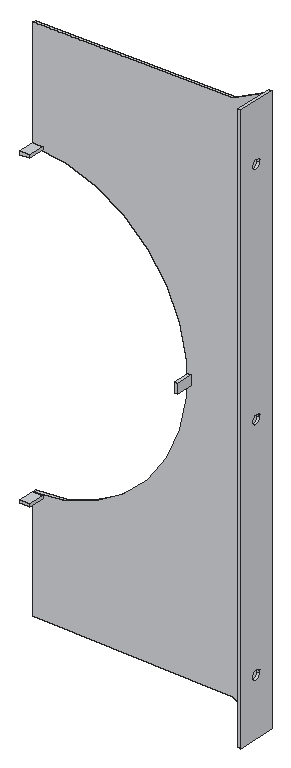
Revit family "8.Кронштейн для потолочного или стенового крепления вентилятора KRK", category Оборудование, Revit 2016
Family settings
  Тип детали = Нормальный
  Размер круглого соединителя = Использовать диаметр
  На основе рабочей плоскости = Нет
  Всегда вертикально = Да
  При загрузке вырезать с полостями = Нет
  Общий = Нет
  Точка расчета площади = Нет
Parameters (values of type "315")
  середина = Б / 2  # 293 mm
  отступ = 20 mm  # constant formula
  ножки(да/нет) [instance] = no
  Частотный преобразователь [instance] = no
  Тип, марка, обозначение = "KRK 315"
  Силовой кабель/количество = ""
  Сила тока J, А = ""
  Регулятор расхода [instance] = no
  Раздел = "ОВ"
  Примечание = ""
  Позиция = ""
  Напряжение U,В = ""
  Наименование и тех.хар-ка = "Кронштейн для потолочного или стенового крепления вентилятора"  # constant formula
  Материал = Сталь серая
  Масса единицы = "1.4 кг"
  Б = 586 mm
  А = 242 mm
  Код, оборудования = ""
  Ключевая пометка = "Вентиляция"
  Задание электрикам [instance] = no
  Задание автоматчикам [instance] = no
  Завод изготовитель = "KORF"  # constant formula
  Единица измерения = "шт."  # constant formula
  Д = 317 mm
  x = Б * 0.8  # 468.8 mm
Types (6, lengths in mm): name | середина | Тип, марка, обозначение | Масса единицы | Б | А | Д | x
  100 | 216 | "KRK 100" | "0.6 кг" | 432 | 164 | 102 | 345.6
  160 | 260 | "KRK 160" | "0.8 кг" | 520 | 209 | 162 | 416
  200 | 260 | "KRK 200" | "0.8 кг" | 520 | 209 | 202 | 416
  250 | 260 | "KRK 250" | "1.2 кг" | 520 | 209 | 252 | 416
  315 | 293 | "KRK 315" | "1.4 кг" | 586 | 242 | 317 | 468.8
  125 | 216 | "KRK 125" | "0,6 кг" | 432 | 164 | 127 | 345.6
Reference planes
  plane 1 "По центру (Вперед/Назад)": y = 0
  plane 2: z = 0
  plane 3 "По центру (Влево/Вправо)": x = 0
  plane 4: x = -242
  plane 5: z = 586
  plane 6: z = 293
  plane 7: y = -3
  plane 8: x = -3
  plane 9: y = -40
  plane 10: z = 451.5
  plane 11: z = 134.5
  plane 12: x = -83.5
  plane 13: x = -400.5
  plane 14: y = -20
  plane 15: z = 298
  plane 16: z = 288
  plane 17: z = 527.4
  plane 18: z = 58.6
Forms (mm)
  Extrusion 1, void, not visible
    sketch origin (-345, -245, 50) x (0, -1, 0) y (0, 0, -1)
      loop
        line (-477.965, -475) -> (-477.965, -450) -> (-528.913, -450) -> (-528.913, -475) -> (-477.965, -475)
    from -47.452 to 12
  Extrusion 2, solid, not visible
    sketch origin (5, 0, 2.041) x (0, 1, 0) y (0, 0, 1)
      loop
        line (45, 112.959) -> (-45, 112.959) -> (-45, 82.959) -> (45, 82.959) -> (45, 112.959)
    from 0 to -69.911
  Extrusion 3, solid, not visible
    sketch origin (5, -2.888, -8.59) x (0, 0.352122, 0.935954) y (0, -0.935954, 0.352122)
      loop
        line (45, 114.532) -> (-19.8, 114.532) -> (-19.8, 90.2) -> (45, 90.2) -> (45, 114.532)
    from 0 to -69.911
  Sweep 4, solid, not visible
    path origin (5, 0, -1.25) x (0, 1, 0) y (0, 0, 1)
      loop
        line (-45, 97.266) -> (-60.734, 97.266)
        arc (-60.734, 97.266) -> (-72.348, 93.548) -> (-79.645, 83.777) r 20
        line (-79.645, 83.777) -> (-105.929, 7.442)
    profile origin (5, -52.867, 96.016) x (0, 0, -1) y (1, 0, 0)
      loop
        circle (0, -63.75) r 3
  Extrusion 5, solid, not visible
    sketch origin (0, 0, 47.041) x (0, 1, 0) y (0, 0, 1)
      loop
        line (45, 112.959) -> (-45, 112.959) -> (-45, 82.959) -> (45, 82.959) -> (45, 112.959)
    from 0 to -93.323
  Extrusion 6, solid, not visible
    sketch origin (0, -40.257, 23.842) x (0, 0.679881, 0.733322) y (0, -0.733322, 0.679881)
      loop
        line (45, 114.532) -> (-19.8, 114.532) -> (-19.8, 90.2) -> (45, 90.2) -> (45, 114.532)
    from 0 to -93.323
  Sweep 7, solid, not visible
    path origin (0, 0, 43.75) x (0, 1, 0) y (0, 0, 1)
      loop
        line (-45, 97.266) -> (-54.952, 97.266)
        arc (-54.952, 97.266) -> (-71.221, 93.808) -> (-84.677, 84.031) r 40
        line (-84.677, 84.031) -> (-132.472, 30.95)
    profile origin (0, -49.976, 141.016) x (0, 0, -1) y (1, 0, 0)
      loop
        circle (0, -63.75) r 3
  Extrusion 8, solid
    sketch origin (0, 0, 0) x (1, 0, 0) y (0, 0, 1)
      loop
        line (0, 586) -> (-37.115, 567.883) -> (-242, 565.816) -> (-242, 451.5)
        arc (-242, 451.5) -> (-83.5, 293) -> (-242, 134.5) r 158.5
        line (-242, 134.5) -> (-242, 20.184) -> (-37.115, 18.117) -> (0, 0) -> (0, 586)
    from 0 to 3
  Extrusion 9, solid
    sketch origin (0, 0, 0) x (1, 0, 0) y (0, 0, 1)
      loop
        line (0, 586) -> (-3, 586) -> (-3, 0) -> (0, 0) -> (0, 586)
    from 0 to 40
  Extrusion 10, solid
    sketch origin (0, 0, 0) x (1, 0, 0) y (0, 0, 1)
      loop
        line (-242, 454.5) -> (-242, 451.5) -> (-232, 451.5) -> (-232, 454.5) -> (-242, 454.5)
    from 0 to 20
  Extrusion 11, solid
    sketch origin (0, 0, 0) x (1, 0, 0) y (0, 0, 1)
      loop
        line (-83.5, 298) -> (-83.5, 288) -> (-80.5, 288) -> (-80.5, 298) -> (-83.5, 298)
    from 3 to 20
  Extrusion 12, solid
    sketch origin (0, 0, 0) x (1, 0, 0) y (0, 0, 1)
      loop
        line (-242, 134.5) -> (-242, 131.5) -> (-232, 131.5) -> (-232, 134.5) -> (-242, 134.5)
    from 0 to 20
  Extrusion 13, void
    sketch origin (0, 0, 0) x (0, 1, 0) y (0, 0, 1)
      loop
        circle (-20, 527.4) r 5
    from 0 to -3
  Extrusion 14, void
    sketch origin (0, 0, 0) x (0, 1, 0) y (0, 0, 1)
      loop
        circle (-20, 293.004) r 5
    from 0 to -3
  Extrusion 15, void
    sketch origin (0, 0, 0) x (0, 1, 0) y (0, 0, 1)
      loop
        circle (-20, 58.6) r 5
    from 0 to -3
Cuts and joins
  Extrusion 13, Extrusion 14, Extrusion 15 cuts Extrusion 8
  Extrusion 13, Extrusion 14, Extrusion 15 cuts Extrusion 9
  Extrusion 13, Extrusion 14, Extrusion 15 cuts Extrusion 10
  Extrusion 13, Extrusion 14, Extrusion 15 cuts Extrusion 12
  joined: Extrusion 8, Extrusion 9, Extrusion 10, Extrusion 12
Dimensions and locks
  locked: Extrusion 3 sketch curve to Extrusion 3 sketch curve at 24.332
  locked: Extrusion 3 sketch curve to Extrusion 3 sketch curve at 64.8
  locked: Extrusion 2 sketch curve to Extrusion 2 sketch curve at 30
  locked: Extrusion 6 sketch curve to Extrusion 6 sketch curve at 24.332
  locked: Extrusion 6 sketch curve to Extrusion 6 sketch curve at 64.8
  locked: Extrusion 5 sketch curve to Extrusion 5 sketch curve at 30
  "А": plane 3 "По центру (Влево/Вправо)" to plane 4
  "Б": plane 5 to level
  "середина": plane 6 to level
  locked: plane 7 to plane 1 "По центру (Вперед/Назад)" at 3
  locked: plane 3 "По центру (Влево/Вправо)" to plane 8 at 3
  locked: plane 1 "По центру (Вперед/Назад)" to plane 9 at 40
  equal spacing: plane 10, plane 6, plane 11
  "Д": plane 10 to plane 11
  equal spacing: plane 13, plane 4, plane 12
  "Д": plane 13 to plane 12
  locked: Extrusion 10 sketch curve to Extrusion 10 sketch curve at 3
  locked: Extrusion 10 sketch curve to Extrusion 10 sketch curve at 10
  locked: plane 1 "По центру (Вперед/Назад)" to plane 14 at 20
  locked: Extrusion 12 sketch curve to Extrusion 12 sketch curve at 3
  locked: Extrusion 12 sketch curve to Extrusion 12 sketch curve at 10
  equal spacing: plane 15, plane 6, plane 16
  locked: plane 15 to plane 16 at 10
  locked: Extrusion 11 sketch curve to Extrusion 11 sketch curve at 3
  equal spacing: plane 17, plane 6, plane 18
  "x": plane 17 to plane 18
  "Д": diameter of Extrusion 8 sketch curve
  aligned and locked: level to plane 2
  aligned and locked: Extrusion 8 to plane 7
  aligned and locked: Extrusion 9 to plane 5
  aligned and locked: Extrusion 9 to level
  aligned and locked: Extrusion 9 to plane 3 "По центру (Влево/Вправо)"
  aligned and locked: Extrusion 9 to plane 8
  aligned and locked: plane 9 to Extrusion 9
  aligned and locked: Extrusion 10 to plane 10
  aligned and locked: Extrusion 10 to plane 4
  aligned and locked: Extrusion 10 to plane 1 "По центру (Вперед/Назад)"
  aligned and locked: plane 14 to Extrusion 10
  aligned and locked: Extrusion 11 to cut or joined group of Extrusion 8, Extrusion 9, Extrusion 10, Extrusion 12, Extrusion 13, Extrusion 14, Extrusion 15
  aligned and locked: Extrusion 12 to cut or joined group of Extrusion 8, Extrusion 9, Extrusion 10, Extrusion 12, Extrusion 13, Extrusion 14, Extrusion 15  (x2)
  aligned and locked: Extrusion 12 to plane 1 "По центру (Вперед/Назад)"
  aligned and locked: plane 11 to Extrusion 12
  aligned and locked: plane 12 to Extrusion 11
  aligned and locked: plane 15 to Extrusion 11
  aligned and locked: Extrusion 11 to plane 16
  aligned and locked: plane 7 to Extrusion 11
  aligned and locked: Extrusion 13 to plane 8
  aligned and locked: Extrusion 14 to plane 8
  aligned and locked: Extrusion 15 to plane 8
Automatic sketch dimensions
  level to Extrusion 9 sketch curve = 0 mm
  plane 3 "По центру (Влево/Вправо)" to Extrusion 9 sketch curve = 0 mm
  Extrusion 9 sketch curve to Extrusion 9 sketch curve = 3 mm
  plane 5 to Extrusion 9 sketch curve = 0 mm
  plane 4 to Extrusion 10 sketch curve = 0 mm
  plane 10 to Extrusion 10 sketch curve = 0 mm
  Extrusion 11 sketch curve to plane 12 = 0 mm
  Extrusion 11 sketch curve to plane 6 = 5 mm
  plane 6 to Extrusion 11 sketch curve = 5 mm
  plane 4 to Extrusion 12 sketch curve = 0 mm
  Extrusion 12 sketch curve to plane 11 = 3 mm
  Extrusion 13 sketch curve to plane 14 = 0 mm
  Extrusion 13 sketch curve to plane 17 = 0 mm
  Extrusion 14 sketch curve to plane 14 = 0 mm
  plane 6 to Extrusion 14 sketch curve = 0.004 mm
  Extrusion 15 sketch curve to plane 14 = 0 mm
  Extrusion 15 sketch curve to plane 18 = 0 mm
  Extrusion 8 sketch curve to plane 4 = 0 mm
  Extrusion 8 sketch curve to plane 3 "По центру (Влево/Вправо)" = 0 mm
  Extrusion 8 sketch curve to level = 0 mm
  Extrusion 8 sketch curve to plane 11 = 0 mm
  Extrusion 8 sketch curve to plane 5 = 0 mm
  Extrusion 8 sketch curve to plane 8 = 34.115 mm  (x2)
  level to Extrusion 8 sketch curve = 18.117 mm
  level to Extrusion 8 sketch curve = 20.184 mm
  plane 5 to Extrusion 8 sketch curve = 20.184 mm
  plane 5 to Extrusion 8 sketch curve = 18.117 mm
  radius of Extrusion 13 sketch curve = 5 mm
  radius of Extrusion 14 sketch curve = 5 mm
  radius of Extrusion 15 sketch curve = 5 mm
Nested families
  nested 1: "крепление 15мм" at (-330, 229.965, 495), type "крепление 15мм", not visible
Definition of nested family "крепление 15мм"
  Parameters (values of type "крепление 15мм")
    Материал крепления = none
  Reference planes
    plane 1 "По центру (Вперед/Назад)": y = 0
    plane 2: z = 0
    plane 3 "По центру (Влево/Вправо)": x = 0
  Forms (mm)
    Extrusion 1, solid, material <- "Материал крепления"
      sketch origin (0, 0, 0) x (1, 0, 0) y (0, 1, 0)
        loop
          line (-25, 0) -> (0, 0) -> (0, 18.31) -> (0, 25) -> (-3, 25) -> (-3, 3) -> (-25, 3) -> (-25, 0)
      from 0 to 30
    Extrusion 2, void
      sketch origin (0, 0, 0) x (1, 0, 0) y (0, 1, 0)
        loop
          line (-3, 3) -> (-3, 54.96) -> (-58, 54.96) -> (-58, 3) -> (-3, 3)
      from 0 to 15
  Cuts and joins
    Extrusion 2 cuts Extrusion 1
  Dimensions and locks
    Extrusion 1 sketch curve to Extrusion 1 sketch curve = 3 mm  (x2)
    Extrusion 1 sketch curve to Extrusion 1 sketch curve to plane 3 "По центру (Влево/Вправо)" = 25 mm, 0 mm
    Extrusion 1 sketch curve to Extrusion 1 sketch curve = 25 mm
    aligned and locked: level to plane 2
